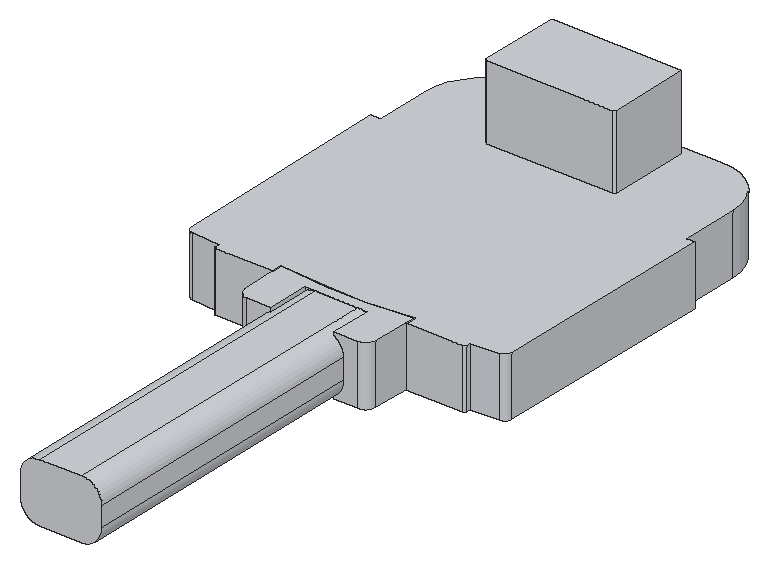
Revit family "Deca_Caixa de descarga embutida para alvenaria e drywall para bacia de piso_Caixa embutida Hydra_2500.CX.AF", category Plumbing Fixtures, host Face, Revit 2019 (continued)
Lines and regions (mm)
  symbolic lines, visible <- "Visibilidade Mecanismo Interno", detail levels fine
    curve 224: line (16.825, 981.25, 55.194) -> (16.825, 981.25, -30)
    curve 225: line (16.825, 865.456, -30) -> (16.825, 865.456, 55.194)
    curve 226: line (16.825, 978.544, -30) -> (16.825, 978.544, 55.194)
    curve 227: line (16.825, 861, -125.504) -> (16.825, 861, -126.952)
    curve 228: line (16.825, 861, -126.952) -> (16.825, 981.3, -126.952)
    curve 229: arc (16.825, 981.3, -126.952) -> (16.825, 988.159, -124.11) -> (16.825, 991, -117.252) r 9.7
    curve 230: line (16.825, 991, -117.252) -> (16.825, 991, -115.457)
    curve 231: line (16.825, 841, -83.004) -> (16.825, 841, -123.004)
    curve 232: arc (16.825, 841, -123.004) -> (16.825, 841.732, -124.772) -> (16.825, 843.5, -125.504) r 2.5
    curve 233: line (16.825, 843.5, -125.504) -> (16.825, 878.5, -125.504)
    curve 234: arc (16.825, 878.5, -125.504) -> (16.825, 880.268, -124.772) -> (16.825, 881, -123.004) r 2.5
    curve 235: line (16.825, 881, -123.004) -> (16.825, 881, -83.004)
    curve 236: line (16.825, 884, -60.004) -> (16.825, 838, -60.004)
    curve 237: arc (16.825, 838, -60.004) -> (16.825, 836.586, -60.59) -> (16.825, 836, -62.004) r 2
    curve 238: line (16.825, 836, -62.004) -> (16.825, 836, -83.004)
    curve 239: line (16.825, 836, -83.004) -> (16.825, 886, -83.004)
    curve 240: line (16.825, 886, -83.004) -> (16.825, 886, -62.004)
    curve 241: arc (16.825, 886, -62.004) -> (16.825, 885.414, -60.59) -> (16.825, 884, -60.004) r 2
    curve 242: line (16.825, 836.5, -75.004) -> (16.825, 885.5, -75.004)
    curve 243: line (16.825, 980.361, -96.412) -> (16.825, 982.768, -96.622)
    curve 244: line (16.825, 982.759, -115.386) -> (16.825, 980.37, -115.595)
    curve 245: arc (16.825, 982.768, -96.622) -> (16.825, 984.215, -97.051) -> (16.825, 985.38, -98.011) r 3.785
    curve 246: arc (16.825, 985.382, -98.013) -> (16.825, 986.711, -100.21) -> (16.825, 987.401, -102.683) r 9.46
    curve 247: arc (16.825, 982.759, -115.386) -> (16.825, 984.212, -114.959) -> (16.825, 985.38, -113.996) r 3.785
    curve 248: arc (16.825, 985.38, -113.996) -> (16.825, 986.711, -111.799) -> (16.825, 987.401, -109.325) r 9.46
    curve 249: arc (16.825, 987.401, -102.683) -> (16.825, 987.666, -106.004) -> (16.825, 987.401, -109.325) r 20.947
    curve 250: arc (16.825, 980.361, -96.412) -> (16.825, 979.798, -96.407) -> (16.825, 979.242, -96.49) r 3.59
    curve 251: arc (16.825, 979.242, -96.49) -> (16.825, 978.151, -96.866) -> (16.825, 977.163, -97.459) r 5.513
    curve 252: arc (16.825, 977.163, -97.459) -> (16.825, 976.138, -98.35) -> (16.825, 975.247, -99.375) r 9.742
    curve 253: arc (16.825, 975.247, -99.375) -> (16.825, 974.394, -100.714) -> (16.825, 973.762, -102.169) r 10.107
    curve 254: arc (16.825, 980.37, -115.595) -> (16.825, 979.803, -115.601) -> (16.825, 979.242, -115.518) r 3.59
    curve 255: arc (16.825, 979.242, -115.518) -> (16.825, 978.151, -115.142) -> (16.825, 977.163, -114.548) r 5.513
    curve 256: arc (16.825, 977.163, -114.548) -> (16.825, 976.14, -113.659) -> (16.825, 975.25, -112.636) r 9.742
    curve 257: arc (16.825, 975.25, -112.636) -> (16.825, 974.395, -111.296) -> (16.825, 973.762, -109.839) r 10.107
    curve 258: arc (16.825, 973.762, -102.169) -> (16.825, 973.1, -106.004) -> (16.825, 973.762, -109.839) r 11.437
    curve 259: arc (16.825, 987.401, -102.683) -> (16.825, 987.728, -100.583) -> (16.825, 988.283, -98.532) r 19.398
    curve 260: arc (16.825, 988.283, -98.532) -> (16.825, 988.571, -97.797) -> (16.825, 988.938, -97.097) r 7.233
    curve 261: arc (16.825, 988.938, -97.097) -> (16.825, 989.064, -96.913) -> (16.825, 989.212, -96.746) r 1.802
    curve 262: arc (16.825, 989.212, -96.746) -> (16.825, 989.598, -96.483) -> (16.825, 990.065, -96.469) r 0.835
    curve 263: arc (16.825, 987.401, -109.325) -> (16.825, 987.728, -111.425) -> (16.825, 988.283, -113.476) r 19.398
    curve 264: arc (16.825, 988.283, -113.476) -> (16.825, 988.571, -114.211) -> (16.825, 988.938, -114.91) r 7.233
    curve 265: arc (16.825, 989.409, -115.436) -> (16.825, 989.726, -115.555) -> (16.825, 990.065, -115.539) r 0.835
    curve 266: arc (16.825, 988.938, -114.91) -> (16.825, 989.149, -115.195) -> (16.825, 989.409, -115.436) r 1.904
    curve 267: line (16.825, 990.065, -96.469) -> (16.825, 991.837, -96.624)
    curve 268: arc (16.825, 991.837, -96.624) -> (16.825, 992.527, -96.901) -> (16.825, 992.983, -97.488) r 1.423
    curve 269: line (16.825, 990.065, -115.539) -> (16.825, 991.837, -115.384)
    curve 270: arc (16.825, 991.837, -115.384) -> (16.825, 992.527, -115.107) -> (16.825, 992.983, -114.52) r 1.423
    curve 271: arc (16.825, 992.983, -114.52) -> (16.825, 993.228, -113.841) -> (16.825, 993.405, -113.141) r 7.257
    curve 272: arc (16.825, 993.405, -113.141) -> (16.825, 993.595, -111.909) -> (16.825, 993.674, -110.664) r 14.058
    curve 273: arc (16.825, 993.404, -98.866) -> (16.825, 993.594, -100.092) -> (16.825, 993.674, -101.33) r 14.058
    curve 274: arc (16.825, 993.674, -101.33) -> (16.825, 993.766, -105.997) -> (16.825, 993.674, -110.664) r 118.183
    curve 275: arc (16.825, 992.983, -97.488) -> (16.825, 993.228, -98.166) -> (16.825, 993.404, -98.864) r 7.256
    curve 276: line (16.825, 991, -96.551) -> (16.825, 991, -61.757)
    curve 277: arc (16.825, 990.841, -59.007) -> (16.825, 987.51, -53.305) -> (16.825, 981.3, -51.056) r 9.7
    curve 278: line (16.825, 991, -67.004) -> (16.825, 997.65, -67.004)
    curve 279: arc (16.825, 997.65, -67.004) -> (16.825, 998.605, -67.399) -> (16.825, 999, -68.354) r 1.35
    curve 280: line (16.825, 999, -68.354) -> (16.825, 999, -109.654)
    curve 281: arc (16.825, 999, -109.654) -> (16.825, 998.605, -110.608) -> (16.825, 997.65, -111.004) r 1.35
    curve 282: line (16.825, 997.65, -111.004) -> (16.825, 993.664, -111.004)
    curve 283: line (16.825, 1024.15, -98.304) -> (16.825, 1024.15, -79.704)
    curve 284: line (16.825, 1024.15, -79.704) -> (16.825, 1012.65, -79.704)
    curve 285: line (16.825, 1012.65, -79.704) -> (16.825, 1012.65, -98.304)
    curve 286: line (16.825, 1012.65, -98.304) -> (16.825, 1024.15, -98.304)
    curve 287: line (16.825, 1003.65, -98.304) -> (16.825, 1003.65, -79.504)
    curve 288: line (16.825, 1003.65, -79.704) -> (16.825, 999, -79.704)
    curve 289: line (16.825, 1003.65, -98.304) -> (16.825, 999, -98.304)
    curve 290: line (16.825, 1012.65, -89.011) -> (16.825, 1003.65, -89.011)
    curve 291: line (16.825, 1012.65, -79.704) -> (16.825, 1003.65, -79.704)
    curve 292: line (16.825, 1003.65, -98.304) -> (16.825, 1012.65, -98.304)
    curve 293: line (16.825, 987.25, -40.056) -> (16.825, 987.25, -34.806)
    curve 294: line (16.825, 987.25, -34.806) -> (16.825, 856.75, -34.806)
    curve 295: line (16.825, 856.75, -34.806) -> (16.825, 856.75, -40.056)
    curve 296: line (16.825, 856.75, -40.056) -> (16.825, 989, -40.056)
    curve 297: line (16.825, 989, -40.056) -> (16.825, 989, -51.056)
    curve 298: line (16.825, 989, -51.056) -> (16.825, 861, -51.056)
    curve 299: line (16.825, 861, -51.056) -> (16.825, 861, -60.004)
    curve 300: line (16.825, 864, -51.056) -> (16.825, 864, -40.056)
    curve 301: line (16.825, 861, -55.606) -> (16.825, 848.32, -55.606)
    curve 302: line (16.825, 849.75, -83.004) -> (16.825, 849.75, -94.035)
    curve 303: line (16.825, 849.75, -94.035) -> (16.825, 849.75, -115.619)
    curve 304: line (16.825, 852.25, -83.004) -> (16.825, 852.25, -94.035)
    curve 305: line (16.825, 852.25, -94.035) -> (16.825, 852.25, -115.619)
    curve 306: line (16.825, 869.75, -83.004) -> (16.825, 869.75, -94.035)
    curve 307: line (16.825, 869.75, -94.035) -> (16.825, 869.75, -115.619)
    curve 308: line (16.825, 872.25, -83.004) -> (16.825, 872.25, -94.035)
    curve 309: line (16.825, 872.25, -94.035) -> (16.825, 872.25, -115.619)
    curve 310: line (16.825, 848, -127.169) -> (16.825, 848, -132.327)
    curve 311: line (16.825, 508.303, -130.088) -> (16.825, 846.916, -131.001)
    curve 312: arc (16.825, 502.859, -129.049) -> (16.825, 505.532, -129.822) -> (16.825, 508.303, -130.088) r 15
    curve 313: line (16.825, 848.32, -60.004) -> (16.825, 848.32, -45.503)
    curve 314: line (16.825, 848.32, -45.503) -> (16.825, 797.978, -45.639)
    curve 315: line (16.825, 523.758, -47.878) -> (16.825, 797.978, -47.139)
    curve 316: line (16.825, 797.978, -45.639) -> (16.825, 797.978, -47.139)
    curve 317: line (16.825, 523.758, -47.878) -> (16.825, 486, -49.254)
    curve 318: line (16.825, 856.75, -31.56) -> (16.825, 987.25, -31.56)
    curve 319: line (16.825, 987.25, -31.56) -> (16.825, 987.25, -30)
    curve 320: line (16.825, 987.25, -30) -> (16.825, 856.75, -30)
    curve 321: line (16.825, 856.75, -30) -> (16.825, 856.75, -31.56)
    curve 322: line (16.825, 978.544, -34.806) -> (16.825, 978.544, -31.56)
    curve 323: line (16.825, 981.25, -34.806) -> (16.825, 981.25, -31.56)
    curve 324: line (16.825, 862.75, -34.806) -> (16.825, 862.75, -31.56)
    curve 325: line (16.825, 865.456, -34.806) -> (16.825, 865.456, -31.56)
    curve 326: line (-27.076, 0, -47.004) -> (-175.347, 0, -47.004)
    curve 327: spline (-175.347, 0, -47.004) -> (-175.626, 0, -47.004) -> (-175.904, 0, -47.004) -> (-176.181, 0, -47.004) -> (-176.455, 0, -47.004) -> (-176.725, 0, -47.004) -> (-176.991, 0, -47.005) -> (-177.252, 0, -47.005) -> (-177.507, 0, -47.005) -> (-177.755, 0, -47.006) -> (-177.996, 0, -47.006) -> (-178.228, 0, -47.006) -> (-178.452, 0, -47.007)
    curve 328: line (-178.452, 0, -47.007) -> (-183.301, 0, -47.017)
    curve 329: line (-185.929, 0, -48.044) -> (-201.945, 0, -48.044)
    curve 330: spline (-201.945, 0, -48.044) -> (-203.25, 0, -48.13) -> (-204.533, 0, -48.385) -> (-205.772, 0, -48.806) -> (-206.945, 0, -49.384) -> (-208.033, 0, -50.111) -> (-209.016, 0, -50.973) -> (-209.879, 0, -51.957) -> (-210.605, 0, -53.044) -> (-211.184, 0, -54.217) -> (-211.605, 0, -55.456) -> (-211.86, 0, -56.739) -> (-211.945, 0, -58.044)
    curve 331: line (-211.945, 0, -58.044) -> (-211.945, 0, -59.343)
    curve 332: line (245.793, 0, -60.167) -> (245.793, 0, -58.044)
    curve 333: spline (245.793, 0, -58.044) -> (245.707, 0, -56.739) -> (245.452, 0, -55.456) -> (245.032, 0, -54.217) -> (244.453, 0, -53.044) -> (243.726, 0, -51.957) -> (242.864, 0, -50.973) -> (241.881, 0, -50.111) -> (240.793, 0, -49.384) -> (239.62, 0, -48.806) -> (238.381, 0, -48.385) -> (237.098, 0, -48.13) -> (235.793, 0, -48.044)
    curve 334: line (235.793, 0, -48.044) -> (231.924, 0, -48.044)
    curve 335: spline (231.924, 0, -48.044) -> (231.589, 0, -48.044) -> (231.255, 0, -48.044) -> (230.923, 0, -48.044) -> (230.594, 0, -48.044) -> (230.269, 0, -48.044) -> (229.949, 0, -48.043) -> (229.636, 0, -48.043) -> (229.329, 0, -48.043) -> (229.031, 0, -48.042) -> (228.742, 0, -48.042) -> (228.463, 0, -48.041) -> (228.194, 0, -48.041)
    curve 336: line (228.194, 0, -48.041) -> (219.776, 0, -48.023)
    curve 337: line (217.149, 0, -47.017) -> (212.301, 0, -47.007)
    curve 338: spline (212.301, 0, -47.007) -> (212.077, 0, -47.006) -> (211.845, 0, -47.006) -> (211.604, 0, -47.006) -> (211.355, 0, -47.005) -> (211.1, 0, -47.005) -> (210.839, 0, -47.005) -> (210.573, 0, -47.004) -> (210.302, 0, -47.004) -> (210.028, 0, -47.004) -> (209.752, 0, -47.004) -> (209.473, 0, -47.004) -> (209.194, 0, -47.004)
    curve 339: line (209.194, 0, -47.004) -> (59.887, 0, -47.004)
    curve 340: spline (-210.27, 0, -125.504) -> (-209.789, 0, -126.167) -> (-209.254, 0, -126.788) -> (-208.671, 0, -127.364) -> (-208.043, 0, -127.89) -> (-207.373, 0, -128.362) -> (-206.667, 0, -128.778) -> (-205.93, 0, -129.135) -> (-205.165, 0, -129.431) -> (-204.379, 0, -129.663) -> (-203.577, 0, -129.829) -> (-202.764, 0, -129.93) -> (-201.945, 0, -129.963)
    curve 341: line (-201.945, 0, -129.963) -> (-185.929, 0, -129.963)
    curve 342: line (-183.301, 0, -130.991) -> (-178.453, 0, -131.001)
    curve 343: line (-178.453, 0, -131.001) -> (15.421, 0, -131.001)
    curve 344: line (108.825, 0, -30) -> (108.825, 0, 55.193)
    curve 345: line (-75.076, 0, 55.193) -> (-75.076, 0, -30)
    curve 346: circle (16.924, 0, -89.004) r 22 normal (0, -1, 0)
    curve 347: arc (-1.576, 0, -89.004) -> (17.002, 0, -107.346) -> (35.423, 0, -88.846) r 18.5
    curve 348: arc (35.423, 0, -88.846) -> (16.845, 0, -70.504) -> (-1.576, 0, -89.004) r 18.5
    curve 349: circle (-50.576, 0, -89.004) r 22 normal (0, -1, 0)
    curve 350: circle (-50.576, 0, -89.004) r 18.5 normal (0, -1, 0)
    curve 351: arc (102.923, 0, -88.846) -> (84.345, 0, -70.504) -> (65.924, 0, -89.004) r 18.5
    curve 352: arc (65.924, 0, -89.004) -> (84.502, 0, -107.346) -> (102.923, 0, -88.846) r 18.5
    curve 353: arc (106.424, 0, -89.004) -> (84.533, 0, -67.004) -> (62.425, 0, -88.785) r 22
    curve 354: arc (106.42, 0, -89.441) -> (84.096, 0, -111.001) -> (62.425, 0, -88.785) r 22
    curve 355: circle (84.424, 0, -89.004) r 9.3 normal (0, -1, 0)
    curve 356: line (-27.076, 0, -51.056) -> (-27.076, 0, -40.056)
    curve 357: line (-25.976, 0, -40.056) -> (59.824, 0, -40.056)
    curve 358: line (59.824, 0, -40.056) -> (59.924, 0, -51.056)
    curve 359: line (-190.971, 0, -51.056) -> (224.898, 0, -51.056)
    curve 360: line (234.805, 0, -117.044) -> (234.805, 0, -60.964)
    curve 361: line (224.898, 0, -126.952) -> (-190.971, 0, -126.952)
    curve 362: line (-200.958, 0, -61.043) -> (-200.958, 0, -116.965)
    curve 363: arc (-190.971, 0, -126.952) -> (-198.033, 0, -124.027) -> (-200.958, 0, -116.965) r 9.986
    curve 364: arc (-190.971, 0, -51.056) -> (-198.033, 0, -53.981) -> (-200.958, 0, -61.043) r 9.986
    curve 365: arc (234.805, 0, -60.964) -> (231.904, 0, -53.958) -> (224.898, 0, -51.056) r 9.908
    curve 366: arc (234.805, 0, -117.044) -> (231.904, 0, -124.05) -> (224.898, 0, -126.952) r 9.908
    curve 367: line (156.053, 0, -61.757) -> (214.074, 0, -61.757)
    curve 368: arc (214.074, 0, -61.757) -> (215.037, 0, -61.353) -> (215.424, 0, -60.382) r 1.35
    curve 369: arc (215.424, 0, -60.382) -> (215.037, 0, -59.411) -> (214.074, 0, -59.007) r 1.35
    curve 370: line (214.074, 0, -59.007) -> (156.053, 0, -59.007)
    curve 371: arc (156.053, 0, -61.757) -> (155.09, 0, -61.353) -> (154.703, 0, -60.382) r 1.35
    curve 372: arc (154.703, 0, -60.382) -> (155.09, 0, -59.411) -> (156.053, 0, -59.007) r 1.35
    curve 373: circle (-163.147, 0, -106.011) r 9.791 normal (0, -1, 0)
    curve 374: circle (-138.147, 0, -106.011) r 9.791 normal (0, -1, 0)
    curve 375: line (-122.261, 0, -59.007) -> (-180.191, 0, -59.007)
    curve 376: arc (-180.191, 0, -59.007) -> (-181.163, 0, -59.4) -> (-181.59, 0, -60.357) r 1.4
    curve 377: arc (-181.59, 0, -60.357) -> (-181.18, 0, -61.347) -> (-180.19, 0, -61.757) r 1.4
    curve 378: line (-180.19, 0, -61.757) -> (-122.262, 0, -61.757)
    curve 379: arc (-122.261, 0, -59.007) -> (-121.289, 0, -59.4) -> (-120.862, 0, -60.357) r 1.4
    curve 380: arc (-120.862, 0, -60.357) -> (-121.272, 0, -61.347) -> (-122.262, 0, -61.757) r 1.4
    curve 381: line (-208.076, 0, -83.004) -> (-251.076, 0, -83.004)
    curve 382: line (-251.576, 0, -82.504) -> (-251.576, 0, -75.504)
    curve 383: line (-251.076, 0, -75.004) -> (-212.576, 0, -75.004)
    curve 384: line (-226.808, 0, -93.468) -> (-225.585, 0, -95.586)
    curve 385: line (-227.076, 0, -83.504) -> (-227.076, 0, -92.468)
    curve 386: arc (-216.07, 0, -110.95) -> (-214.625, 0, -101.297) -> (-222.826, 0, -96.004) r 9
    curve 387: line (-212.076, 0, -118.985) -> (-216.172, 0, -111.89)
    curve 388: line (-212.076, 0, -125.504) -> (-212.076, 0, -84.004)
    curve 389: line (-208.076, 0, -63.504) -> (-208.076, 0, -125.504)
    curve 390: line (-201.576, 0, -119.004) -> (-207.576, 0, -119.004)
    curve 391: line (-208.076, 0, -125.504) -> (-212.076, 0, -125.504)
    curve 392: line (-222.826, 0, -96.004) -> (-224.888, 0, -95.986)
    curve 393: line (-212.076, 0, -74.607) -> (-212.076, 0, -60.504)
    curve 394: line (-212.076, 0, -60.504) -> (-211.945, 0, -59.343)
    curve 395: line (-74.977, 0, -34.806) -> (108.825, 0, -34.806)
    curve 396: line (108.825, 0, -34.806) -> (108.825, 0, -31.56)
    curve 397: line (114.924, 0, -30) -> (-81.076, 0, -30)
    curve 398: line (-81.076, 0, -30) -> (-80.973, 0, -31.56)
    curve 399: line (-80.973, 0, -31.56) -> (114.924, 0, -31.56)
    curve 400: line (114.924, 0, -31.56) -> (114.924, 0, -30)
    curve 401: line (-72.271, 0, -30) -> (-72.271, 0, 55.193)
    curve 402: line (106.119, 0, -30) -> (106.119, 0, 55.193)
    curve 403: line (106.119, 0, -34.806) -> (106.119, 0, -31.56)
    curve 404: line (-74.977, 0, -31.56) -> (-74.977, 0, -34.806)
    curve 405: line (-72.271, 0, -34.806) -> (-72.271, 0, -31.56)
    curve 406: line (-25.976, 0, -34.806) -> (-25.976, 0, -40.056)
    curve 407: line (6.424, 0, -40.056) -> (6.424, 0, -34.806)
    curve 408: line (27.424, 0, -40.056) -> (27.424, 0, -34.806)
    curve 409: line (59.824, 0, -34.806) -> (59.824, 0, -40.056)
    curve 410: line (108.825, 0, 55.193) -> (-75.076, 0, 55.193)
    curve 411: line (241.924, 0, -83.004) -> (285.424, 0, -83.004)
    curve 412: line (285.424, 0, -83.004) -> (285.424, 0, -75.004)
    curve 413: line (285.424, 0, -75.004) -> (246.424, 0, -75.004)
    curve 414: line (245.924, 0, -74.504) -> (245.924, 0, -60.516)
    curve 415: line (245.793, 0, -60.004) -> (241.924, 0, -60.004)
    curve 416: line (260.924, 0, -83.504) -> (260.924, 0, -93.004)
    curve 417: arc (256.674, 0, -96.004) -> (248.473, 0, -101.297) -> (249.918, 0, -110.95) r 9
    curve 418: line (250.02, 0, -111.89) -> (245.924, 0, -118.985)
    curve 419: spline (235.793, 0, -129.963) -> (236.612, 0, -129.93) -> (237.425, 0, -129.829) -> (238.227, 0, -129.663) -> (239.013, 0, -129.431) -> (239.777, 0, -129.135) -> (240.515, 0, -128.778) -> (241.221, 0, -128.362) -> (241.89, 0, -127.89) -> (242.519, 0, -127.364) -> (243.102, 0, -126.788) -> (243.636, 0, -126.167) -> (244.118, 0, -125.504)
    curve 420: line (18.424, 0, -131.004) -> (212.3, 0, -131.004)
    curve 421: line (15.421, 0, -131.001) -> (16.542, 0, -132.327)
    curve 422: arc (16.542, 0, -132.327) -> (16.924, 0, -132.504) -> (17.306, 0, -132.327) r 0.5
    curve 423: line (17.306, 0, -132.327) -> (18.424, 0, -131.004)
    curve 424: line (245.924, 0, -83.004) -> (245.924, 0, -125.504)
    curve 425: line (245.924, 0, -125.504) -> (241.924, 0, -125.504)
    curve 426: line (241.924, 0, -125.504) -> (241.924, 0, -60.004)
    curve 427: line (260.924, 0, -93.004) -> (259.205, 0, -95.982)
    curve 428: line (219.781, 0, -129.985) -> (235.793, 0, -129.985)
    curve 429: line (212.3, 0, -131.004) -> (217.149, 0, -130.991)
  symbolic lines, visible <- "Visibilidade Mecanismo Interno", not visible, detail levels fine
    curve 430: line (16.825, 101.9, -79.254) -> (16.825, 101.9, -35.254)
    curve 431: arc (16.825, 101.9, -35.254) -> (16.825, 101.607, -34.547) -> (16.825, 100.9, -34.254) r 1
    curve 432: line (16.825, 100.9, -34.254) -> (16.825, 9.1, -34.254)
    curve 433: arc (16.825, 9.1, -34.254) -> (16.825, 8.393, -34.547) -> (16.825, 8.1, -35.254) r 1
    curve 434: line (16.825, 8.1, -35.254) -> (16.825, 8.1, -79.254)
    curve 435: line (16.825, 0, -79.254) -> (16.825, 486, -79.254)
    curve 436: line (16.825, 426, -79.254) -> (16.825, 426, -119.004)
    curve 437: line (16.825, 426, -119.004) -> (16.825, 456, -119.004)
    curve 438: line (16.825, 456, -119.004) -> (16.825, 456, -158.754)
    curve 439: line (16.825, 486, -158.754) -> (16.825, 12, -158.754)
    curve 440: arc (16.825, 12, -158.754) -> (16.825, 3.515, -155.239) -> (16.825, 0, -146.754) r 12
    curve 441: line (16.825, 0, -146.754) -> (16.825, 0, -144.683)
    curve 442: line (16.825, 0, -144.683) -> (16.825, 0, -79.254)
    curve 443: line (16.825, 862.75, -60) -> (16.825, 862.75, 25.194)
    curve 444: line (16.825, 862.75, 25.194) -> (16.825, 981.25, 25.194)
    curve 445: line (16.825, 981.25, 25.194) -> (16.825, 981.25, -60)
    curve 446: line (16.825, 865.456, -60) -> (16.825, 865.456, 25.194)
    curve 447: line (16.825, 978.544, -60) -> (16.825, 978.544, 25.194)
    curve 448: line (16.825, 861, -155.504) -> (16.825, 861, -156.952)
    curve 449: line (16.825, 861, -156.952) -> (16.825, 981.3, -156.952)
    curve 450: arc (16.825, 981.3, -156.952) -> (16.825, 988.159, -154.11) -> (16.825, 991, -147.252) r 9.7
    curve 451: line (16.825, 991, -147.252) -> (16.825, 991, -145.457)
    curve 452: line (16.825, 841, -113.004) -> (16.825, 841, -153.004)
    curve 453: arc (16.825, 841, -153.004) -> (16.825, 841.732, -154.772) -> (16.825, 843.5, -155.504) r 2.5
    curve 454: line (16.825, 843.5, -155.504) -> (16.825, 878.5, -155.504)
    curve 455: arc (16.825, 878.5, -155.504) -> (16.825, 880.268, -154.772) -> (16.825, 881, -153.004) r 2.5
    curve 456: line (16.825, 881, -153.004) -> (16.825, 881, -113.004)
    curve 457: line (16.825, 884, -90.004) -> (16.825, 838, -90.004)
    curve 458: arc (16.825, 838, -90.004) -> (16.825, 836.586, -90.59) -> (16.825, 836, -92.004) r 2
    curve 459: line (16.825, 836, -92.004) -> (16.825, 836, -113.004)
    curve 460: line (16.825, 836, -113.004) -> (16.825, 886, -113.004)
    curve 461: line (16.825, 886, -113.004) -> (16.825, 886, -92.004)
    curve 462: arc (16.825, 886, -92.004) -> (16.825, 885.414, -90.59) -> (16.825, 884, -90.004) r 2
    curve 463: line (16.825, 836.5, -105.004) -> (16.825, 885.5, -105.004)
    curve 464: line (16.825, 980.361, -126.412) -> (16.825, 982.768, -126.622)
    curve 465: line (16.825, 982.759, -145.386) -> (16.825, 980.37, -145.595)
    curve 466: arc (16.825, 982.768, -126.622) -> (16.825, 984.215, -127.051) -> (16.825, 985.38, -128.011) r 3.785
    curve 467: arc (16.825, 985.382, -128.013) -> (16.825, 986.711, -130.21) -> (16.825, 987.401, -132.683) r 9.46
    curve 468: arc (16.825, 982.759, -145.386) -> (16.825, 984.212, -144.959) -> (16.825, 985.38, -143.996) r 3.785
    curve 469: arc (16.825, 985.38, -143.996) -> (16.825, 986.711, -141.799) -> (16.825, 987.401, -139.325) r 9.46
    curve 470: arc (16.825, 987.401, -132.683) -> (16.825, 987.666, -136.004) -> (16.825, 987.401, -139.325) r 20.947
    curve 471: arc (16.825, 980.361, -126.412) -> (16.825, 979.798, -126.407) -> (16.825, 979.242, -126.49) r 3.59
    curve 472: arc (16.825, 979.242, -126.49) -> (16.825, 978.151, -126.866) -> (16.825, 977.163, -127.459) r 5.513
    curve 473: arc (16.825, 977.163, -127.459) -> (16.825, 976.138, -128.35) -> (16.825, 975.247, -129.375) r 9.742
    curve 474: arc (16.825, 975.247, -129.375) -> (16.825, 974.394, -130.714) -> (16.825, 973.762, -132.169) r 10.107
    curve 475: arc (16.825, 980.37, -145.595) -> (16.825, 979.803, -145.601) -> (16.825, 979.242, -145.518) r 3.59
    curve 476: arc (16.825, 979.242, -145.518) -> (16.825, 978.151, -145.142) -> (16.825, 977.163, -144.548) r 5.513
    curve 477: arc (16.825, 977.163, -144.548) -> (16.825, 976.14, -143.659) -> (16.825, 975.25, -142.636) r 9.742
    curve 478: arc (16.825, 975.25, -142.636) -> (16.825, 974.395, -141.296) -> (16.825, 973.762, -139.839) r 10.107
    curve 479: arc (16.825, 973.762, -132.169) -> (16.825, 973.1, -136.004) -> (16.825, 973.762, -139.839) r 11.437
    curve 480: arc (16.825, 987.401, -132.683) -> (16.825, 987.728, -130.583) -> (16.825, 988.283, -128.532) r 19.398
    curve 481: arc (16.825, 988.283, -128.532) -> (16.825, 988.571, -127.797) -> (16.825, 988.938, -127.097) r 7.233
    curve 482: arc (16.825, 988.938, -127.097) -> (16.825, 989.064, -126.913) -> (16.825, 989.212, -126.746) r 1.802
    curve 483: arc (16.825, 989.212, -126.746) -> (16.825, 989.598, -126.483) -> (16.825, 990.065, -126.469) r 0.835
    curve 484: arc (16.825, 987.401, -139.325) -> (16.825, 987.728, -141.425) -> (16.825, 988.283, -143.476) r 19.398
    curve 485: arc (16.825, 988.283, -143.476) -> (16.825, 988.571, -144.211) -> (16.825, 988.938, -144.91) r 7.233
    curve 486: arc (16.825, 989.409, -145.436) -> (16.825, 989.726, -145.555) -> (16.825, 990.065, -145.539) r 0.835
    curve 487: arc (16.825, 988.938, -144.91) -> (16.825, 989.149, -145.195) -> (16.825, 989.409, -145.436) r 1.904
    curve 488: line (16.825, 990.065, -126.469) -> (16.825, 991.837, -126.624)
    curve 489: arc (16.825, 991.837, -126.624) -> (16.825, 992.527, -126.901) -> (16.825, 992.983, -127.488) r 1.423
    curve 490: line (16.825, 990.065, -145.539) -> (16.825, 991.837, -145.384)
    curve 491: arc (16.825, 991.837, -145.384) -> (16.825, 992.527, -145.107) -> (16.825, 992.983, -144.52) r 1.423
    curve 492: arc (16.825, 992.983, -144.52) -> (16.825, 993.228, -143.841) -> (16.825, 993.405, -143.141) r 7.257
    curve 493: arc (16.825, 993.405, -143.141) -> (16.825, 993.595, -141.909) -> (16.825, 993.674, -140.664) r 14.058
    curve 494: arc (16.825, 993.404, -128.866) -> (16.825, 993.594, -130.092) -> (16.825, 993.674, -131.33) r 14.058
    curve 495: arc (16.825, 993.674, -131.33) -> (16.825, 993.766, -135.997) -> (16.825, 993.674, -140.664) r 118.183
    curve 496: arc (16.825, 992.983, -127.488) -> (16.825, 993.228, -128.166) -> (16.825, 993.404, -128.864) r 7.256
    curve 497: line (16.825, 991, -126.551) -> (16.825, 991, -91.757)
    curve 498: arc (16.825, 990.841, -89.007) -> (16.825, 987.51, -83.305) -> (16.825, 981.3, -81.056) r 9.7
    curve 499: line (16.825, 991, -97.004) -> (16.825, 997.65, -97.004)
    curve 500: arc (16.825, 997.65, -97.004) -> (16.825, 998.605, -97.399) -> (16.825, 999, -98.354) r 1.35
    curve 501: line (16.825, 999, -98.354) -> (16.825, 999, -139.654)
    curve 502: arc (16.825, 999, -139.654) -> (16.825, 998.605, -140.608) -> (16.825, 997.65, -141.004) r 1.35
    curve 503: line (16.825, 997.65, -141.004) -> (16.825, 993.664, -141.004)
    curve 504: line (16.825, 1024.15, -128.304) -> (16.825, 1024.15, -109.704)
    curve 505: line (16.825, 1024.15, -109.704) -> (16.825, 1012.65, -109.704)
    curve 506: line (16.825, 1012.65, -109.704) -> (16.825, 1012.65, -128.304)
    curve 507: line (16.825, 1012.65, -128.304) -> (16.825, 1024.15, -128.304)
    curve 508: line (16.825, 1003.65, -128.304) -> (16.825, 1003.65, -109.504)
    curve 509: line (16.825, 1003.65, -109.704) -> (16.825, 999, -109.704)
    curve 510: line (16.825, 1003.65, -128.304) -> (16.825, 999, -128.304)
    curve 511: line (16.825, 1012.65, -119.011) -> (16.825, 1003.65, -119.011)
    curve 512: line (16.825, 1012.65, -109.704) -> (16.825, 1003.65, -109.704)
    curve 513: line (16.825, 1003.65, -128.304) -> (16.825, 1012.65, -128.304)
    curve 514: line (16.825, 987.25, -70.056) -> (16.825, 987.25, -64.806)
    curve 515: line (16.825, 987.25, -64.806) -> (16.825, 856.75, -64.806)
    curve 516: line (16.825, 856.75, -64.806) -> (16.825, 856.75, -70.056)
    curve 517: line (16.825, 856.75, -70.056) -> (16.825, 989, -70.056)
    curve 518: line (16.825, 989, -70.056) -> (16.825, 989, -81.056)
    curve 519: line (16.825, 989, -81.056) -> (16.825, 861, -81.056)
    curve 520: line (16.825, 861, -81.056) -> (16.825, 861, -90.004)
    curve 521: line (16.825, 864, -81.056) -> (16.825, 864, -70.056)
    curve 522: line (16.825, 861, -85.606) -> (16.825, 848.32, -85.606)
    curve 523: line (16.825, 849.75, -113.004) -> (16.825, 849.75, -124.035)
    curve 524: line (16.825, 849.75, -124.035) -> (16.825, 849.75, -145.619)
    curve 525: line (16.825, 852.25, -113.004) -> (16.825, 852.25, -124.035)
    curve 526: line (16.825, 852.25, -124.035) -> (16.825, 852.25, -145.619)
    curve 527: line (16.825, 869.75, -113.004) -> (16.825, 869.75, -124.035)
    curve 528: line (16.825, 869.75, -124.035) -> (16.825, 869.75, -145.619)
    curve 529: line (16.825, 872.25, -113.004) -> (16.825, 872.25, -124.035)
    curve 530: line (16.825, 872.25, -124.035) -> (16.825, 872.25, -145.619)
    curve 531: line (16.825, 848, -157.169) -> (16.825, 848, -162.327)
    curve 532: line (16.825, 508.303, -160.088) -> (16.825, 846.916, -161.001)
    curve 533: arc (16.825, 502.859, -159.049) -> (16.825, 505.532, -159.822) -> (16.825, 508.303, -160.088) r 15
    curve 534: line (16.825, 848.32, -90.004) -> (16.825, 848.32, -75.503)
    curve 535: line (16.825, 848.32, -75.503) -> (16.825, 797.978, -75.639)
    curve 536: line (16.825, 523.758, -77.878) -> (16.825, 797.978, -77.139)
    curve 537: line (16.825, 797.978, -75.639) -> (16.825, 797.978, -77.139)
    curve 538: line (16.825, 523.758, -77.878) -> (16.825, 486, -79.254)
    curve 539: line (16.825, 856.75, -61.56) -> (16.825, 987.25, -61.56)
    curve 540: line (16.825, 987.25, -61.56) -> (16.825, 987.25, -60)
    curve 541: line (16.825, 987.25, -60) -> (16.825, 856.75, -60)
    curve 542: line (16.825, 856.75, -60) -> (16.825, 856.75, -61.56)
    curve 543: line (16.825, 978.544, -64.806) -> (16.825, 978.544, -61.56)
    curve 544: line (16.825, 981.25, -64.806) -> (16.825, 981.25, -61.56)
    curve 545: line (16.825, 862.75, -64.806) -> (16.825, 862.75, -61.56)
    curve 546: line (16.825, 865.456, -64.806) -> (16.825, 865.456, -61.56)
    curve 547: line (-27.076, 0, -37.004) -> (-175.347, 0, -37.004)
    curve 548: spline (-175.347, 0, -37.004) -> (-175.626, 0, -37.004) -> (-175.904, 0, -37.004) -> (-176.181, 0, -37.004) -> (-176.455, 0, -37.004) -> (-176.725, 0, -37.004) -> (-176.991, 0, -37.005) -> (-177.252, 0, -37.005) -> (-177.507, 0, -37.005) -> (-177.755, 0, -37.006) -> (-177.996, 0, -37.006) -> (-178.228, 0, -37.006) -> (-178.452, 0, -37.007)
    curve 549: line (-178.452, 0, -37.007) -> (-183.301, 0, -37.017)
    curve 550: line (-185.929, 0, -38.044) -> (-201.945, 0, -38.044)
    curve 551: spline (-201.945, 0, -38.044) -> (-203.25, 0, -38.13) -> (-204.533, 0, -38.385) -> (-205.772, 0, -38.806) -> (-206.945, 0, -39.384) -> (-208.033, 0, -40.111) -> (-209.016, 0, -40.973) -> (-209.879, 0, -41.957) -> (-210.605, 0, -43.044) -> (-211.184, 0, -44.217) -> (-211.605, 0, -45.456) -> (-211.86, 0, -46.739) -> (-211.945, 0, -48.044)
    curve 552: line (-211.945, 0, -48.044) -> (-211.945, 0, -49.343)
    curve 553: line (245.793, 0, -50.167) -> (245.793, 0, -48.044)
    curve 554: spline (245.793, 0, -48.044) -> (245.707, 0, -46.739) -> (245.452, 0, -45.456) -> (245.032, 0, -44.217) -> (244.453, 0, -43.044) -> (243.726, 0, -41.957) -> (242.864, 0, -40.973) -> (241.881, 0, -40.111) -> (240.793, 0, -39.384) -> (239.62, 0, -38.806) -> (238.381, 0, -38.385) -> (237.098, 0, -38.13) -> (235.793, 0, -38.044)
    curve 555: line (235.793, 0, -38.044) -> (231.924, 0, -38.044)
    curve 556: spline (231.924, 0, -38.044) -> (231.589, 0, -38.044) -> (231.255, 0, -38.044) -> (230.923, 0, -38.044) -> (230.594, 0, -38.044) -> (230.269, 0, -38.044) -> (229.949, 0, -38.043) -> (229.636, 0, -38.043) -> (229.329, 0, -38.043) -> (229.031, 0, -38.042) -> (228.742, 0, -38.042) -> (228.463, 0, -38.041) -> (228.194, 0, -38.041)
    curve 557: line (228.194, 0, -38.041) -> (219.776, 0, -38.023)
    curve 558: line (217.149, 0, -37.017) -> (212.301, 0, -37.007)
    curve 559: spline (212.301, 0, -37.007) -> (212.077, 0, -37.006) -> (211.845, 0, -37.006) -> (211.604, 0, -37.006) -> (211.355, 0, -37.005) -> (211.1, 0, -37.005) -> (210.839, 0, -37.005) -> (210.573, 0, -37.004) -> (210.302, 0, -37.004) -> (210.028, 0, -37.004) -> (209.752, 0, -37.004) -> (209.473, 0, -37.004) -> (209.194, 0, -37.004)
    curve 560: line (209.194, 0, -37.004) -> (59.887, 0, -37.004)
    curve 561: spline (-210.27, 0, -115.504) -> (-209.789, 0, -116.167) -> (-209.254, 0, -116.788) -> (-208.671, 0, -117.364) -> (-208.043, 0, -117.89) -> (-207.373, 0, -118.362) -> (-206.667, 0, -118.778) -> (-205.93, 0, -119.135) -> (-205.165, 0, -119.431) -> (-204.379, 0, -119.663) -> (-203.577, 0, -119.829) -> (-202.764, 0, -119.93) -> (-201.945, 0, -119.963)
    curve 562: line (-201.945, 0, -119.963) -> (-185.929, 0, -119.963)
    curve 563: line (-183.301, 0, -120.991) -> (-178.453, 0, -121.001)
    curve 564: line (-178.453, 0, -121.001) -> (15.421, 0, -121.001)
    curve 565: line (108.825, 0, -20) -> (108.825, 0, 65.193)
    curve 566: line (-75.076, 0, 65.193) -> (-75.076, 0, -20)
    curve 567: circle (16.924, 0, -79.004) r 22 normal (0, -1, 0)
    curve 568: arc (-1.576, 0, -79.004) -> (17.002, 0, -97.346) -> (35.423, 0, -78.846) r 18.5
    curve 569: arc (35.423, 0, -78.846) -> (16.845, 0, -60.504) -> (-1.576, 0, -79.004) r 18.5
    curve 570: circle (-50.576, 0, -79.004) r 22 normal (0, -1, 0)
    curve 571: circle (-50.576, 0, -79.004) r 18.5 normal (0, -1, 0)
    curve 572: arc (102.923, 0, -78.846) -> (84.345, 0, -60.504) -> (65.924, 0, -79.004) r 18.5
    curve 573: arc (65.924, 0, -79.004) -> (84.502, 0, -97.346) -> (102.923, 0, -78.846) r 18.5
    curve 574: arc (106.424, 0, -79.004) -> (84.533, 0, -57.004) -> (62.425, 0, -78.785) r 22
    curve 575: arc (106.42, 0, -79.441) -> (84.096, 0, -101.001) -> (62.425, 0, -78.785) r 22
    curve 576: circle (84.424, 0, -79.004) r 9.3 normal (0, -1, 0)
    curve 577: line (-27.076, 0, -41.056) -> (-27.076, 0, -30.056)
    curve 578: line (-25.976, 0, -30.056) -> (59.824, 0, -30.056)
    curve 579: line (59.824, 0, -30.056) -> (59.924, 0, -41.056)
    curve 580: line (-190.971, 0, -41.056) -> (224.898, 0, -41.056)
    curve 581: line (234.805, 0, -107.044) -> (234.805, 0, -50.964)
    curve 582: line (224.898, 0, -116.952) -> (-190.971, 0, -116.952)
    curve 583: line (-200.958, 0, -51.043) -> (-200.958, 0, -106.965)
    curve 584: arc (-190.971, 0, -116.952) -> (-198.033, 0, -114.027) -> (-200.958, 0, -106.965) r 9.986
    curve 585: arc (-190.971, 0, -41.056) -> (-198.033, 0, -43.981) -> (-200.958, 0, -51.043) r 9.986
    curve 586: arc (234.805, 0, -50.964) -> (231.904, 0, -43.958) -> (224.898, 0, -41.056) r 9.908
    curve 587: arc (234.805, 0, -107.044) -> (231.904, 0, -114.05) -> (224.898, 0, -116.952) r 9.908
    curve 588: line (156.053, 0, -51.757) -> (214.074, 0, -51.757)
    curve 589: arc (214.074, 0, -51.757) -> (215.037, 0, -51.353) -> (215.424, 0, -50.382) r 1.35
    curve 590: arc (215.424, 0, -50.382) -> (215.037, 0, -49.411) -> (214.074, 0, -49.007) r 1.35
    curve 591: line (214.074, 0, -49.007) -> (156.053, 0, -49.007)
    curve 592: arc (156.053, 0, -51.757) -> (155.09, 0, -51.353) -> (154.703, 0, -50.382) r 1.35
    curve 593: arc (154.703, 0, -50.382) -> (155.09, 0, -49.411) -> (156.053, 0, -49.007) r 1.35
    curve 594: circle (-163.147, 0, -96.011) r 9.791 normal (0, -1, 0)
    curve 595: circle (-138.147, 0, -96.011) r 9.791 normal (0, -1, 0)
    curve 596: line (-122.261, 0, -49.007) -> (-180.191, 0, -49.007)
    curve 597: arc (-180.191, 0, -49.007) -> (-181.163, 0, -49.4) -> (-181.59, 0, -50.357) r 1.4
    curve 598: arc (-181.59, 0, -50.357) -> (-181.18, 0, -51.347) -> (-180.19, 0, -51.757) r 1.4
    curve 599: line (-180.19, 0, -51.757) -> (-122.262, 0, -51.757)
    curve 600: arc (-122.261, 0, -49.007) -> (-121.289, 0, -49.4) -> (-120.862, 0, -50.357) r 1.4
    curve 601: arc (-120.862, 0, -50.357) -> (-121.272, 0, -51.347) -> (-122.262, 0, -51.757) r 1.4
    curve 602: line (-208.076, 0, -73.004) -> (-251.076, 0, -73.004)
    curve 603: line (-251.576, 0, -72.504) -> (-251.576, 0, -65.504)
    curve 604: line (-251.076, 0, -65.004) -> (-212.576, 0, -65.004)
    curve 605: line (-226.808, 0, -83.468) -> (-225.585, 0, -85.586)
    curve 606: line (-227.076, 0, -73.504) -> (-227.076, 0, -82.468)
    curve 607: arc (-216.07, 0, -100.95) -> (-214.625, 0, -91.297) -> (-222.826, 0, -86.004) r 9
    curve 608: line (-212.076, 0, -108.985) -> (-216.172, 0, -101.89)
    curve 609: line (-212.076, 0, -115.504) -> (-212.076, 0, -74.004)
    curve 610: line (-208.076, 0, -53.504) -> (-208.076, 0, -115.504)
    curve 611: line (-201.576, 0, -109.004) -> (-207.576, 0, -109.004)
    curve 612: line (-208.076, 0, -115.504) -> (-212.076, 0, -115.504)
    curve 613: line (-222.826, 0, -86.004) -> (-224.888, 0, -85.986)
    curve 614: line (-212.076, 0, -64.607) -> (-212.076, 0, -50.504)
    curve 615: line (-212.076, 0, -50.504) -> (-211.945, 0, -49.343)
    curve 616: line (-74.977, 0, -24.806) -> (108.825, 0, -24.806)
    curve 617: line (108.825, 0, -24.806) -> (108.825, 0, -21.56)
    curve 618: line (114.924, 0, -20) -> (-81.076, 0, -20)
    curve 619: line (-81.076, 0, -20) -> (-80.973, 0, -21.56)
    curve 620: line (-80.973, 0, -21.56) -> (114.924, 0, -21.56)
    curve 621: line (114.924, 0, -21.56) -> (114.924, 0, -20)
    curve 622: line (-72.271, 0, -20) -> (-72.271, 0, 65.193)
    curve 623: line (106.119, 0, -20) -> (106.119, 0, 65.193)
    curve 624: line (106.119, 0, -24.806) -> (106.119, 0, -21.56)
    curve 625: line (-74.977, 0, -21.56) -> (-74.977, 0, -24.806)
    curve 626: line (-72.271, 0, -24.806) -> (-72.271, 0, -21.56)
    curve 627: line (-25.976, 0, -24.806) -> (-25.976, 0, -30.056)
    curve 628: line (6.424, 0, -30.056) -> (6.424, 0, -24.806)
    curve 629: line (27.424, 0, -30.056) -> (27.424, 0, -24.806)
    curve 630: line (59.824, 0, -24.806) -> (59.824, 0, -30.056)
    curve 631: line (108.825, 0, 65.193) -> (-75.076, 0, 65.193)
    curve 632: line (241.924, 0, -73.004) -> (285.424, 0, -73.004)
    curve 633: line (285.424, 0, -73.004) -> (285.424, 0, -65.004)
    curve 634: line (285.424, 0, -65.004) -> (246.424, 0, -65.004)
    curve 635: line (245.924, 0, -64.504) -> (245.924, 0, -50.516)
    curve 636: line (245.793, 0, -50.004) -> (241.924, 0, -50.004)
    curve 637: line (260.924, 0, -73.504) -> (260.924, 0, -83.004)
    curve 638: arc (256.674, 0, -86.004) -> (248.473, 0, -91.297) -> (249.918, 0, -100.95) r 9
    curve 639: line (250.02, 0, -101.89) -> (245.924, 0, -108.985)
    curve 640: spline (235.793, 0, -119.963) -> (236.612, 0, -119.93) -> (237.425, 0, -119.829) -> (238.227, 0, -119.663) -> (239.013, 0, -119.431) -> (239.777, 0, -119.135) -> (240.515, 0, -118.778) -> (241.221, 0, -118.362) -> (241.89, 0, -117.89) -> (242.519, 0, -117.364) -> (243.102, 0, -116.788) -> (243.636, 0, -116.167) -> (244.118, 0, -115.504)
    curve 641: line (18.424, 0, -121.004) -> (212.3, 0, -121.004)
    curve 642: line (15.421, 0, -121.001) -> (16.542, 0, -122.327)
    curve 643: arc (16.542, 0, -122.327) -> (16.924, 0, -122.504) -> (17.306, 0, -122.327) r 0.5
    curve 644: line (17.306, 0, -122.327) -> (18.424, 0, -121.004)
    curve 645: line (245.924, 0, -73.004) -> (245.924, 0, -115.504)
    curve 646: line (245.924, 0, -115.504) -> (241.924, 0, -115.504)
    curve 647: line (241.924, 0, -115.504) -> (241.924, 0, -50.004)
    curve 648: line (260.924, 0, -83.004) -> (259.205, 0, -85.982)
    curve 649: line (219.781, 0, -119.985) -> (235.793, 0, -119.985)
    curve 650: line (212.3, 0, -121.004) -> (217.149, 0, -120.991)
    curve 651: line (-27.076, 0, -57.004) -> (-175.347, 0, -57.004)
    curve 652: spline (-175.347, 0, -57.004) -> (-175.626, 0, -57.004) -> (-175.904, 0, -57.004) -> (-176.181, 0, -57.004) -> (-176.455, 0, -57.004) -> (-176.725, 0, -57.004) -> (-176.991, 0, -57.005) -> (-177.252, 0, -57.005) -> (-177.507, 0, -57.005) -> (-177.755, 0, -57.006) -> (-177.996, 0, -57.006) -> (-178.228, 0, -57.006) -> (-178.452, 0, -57.007)
    curve 653: line (-178.452, 0, -57.007) -> (-183.301, 0, -57.017)
    curve 654: line (-185.929, 0, -58.044) -> (-201.945, 0, -58.044)
    curve 655: spline (-201.945, 0, -58.044) -> (-203.25, 0, -58.13) -> (-204.533, 0, -58.385) -> (-205.772, 0, -58.806) -> (-206.945, 0, -59.384) -> (-208.033, 0, -60.111) -> (-209.016, 0, -60.973) -> (-209.879, 0, -61.957) -> (-210.605, 0, -63.044) -> (-211.184, 0, -64.217) -> (-211.605, 0, -65.456) -> (-211.86, 0, -66.739) -> (-211.945, 0, -68.044)
    curve 656: line (-211.945, 0, -68.044) -> (-211.945, 0, -69.343)
    curve 657: line (245.793, 0, -70.167) -> (245.793, 0, -68.044)
    curve 658: spline (245.793, 0, -68.044) -> (245.707, 0, -66.739) -> (245.452, 0, -65.456) -> (245.032, 0, -64.217) -> (244.453, 0, -63.044) -> (243.726, 0, -61.957) -> (242.864, 0, -60.973) -> (241.881, 0, -60.111) -> (240.793, 0, -59.384) -> (239.62, 0, -58.806) -> (238.381, 0, -58.385) -> (237.098, 0, -58.13) -> (235.793, 0, -58.044)
    curve 659: line (235.793, 0, -58.044) -> (231.924, 0, -58.044)
    curve 660: spline (231.924, 0, -58.044) -> (231.589, 0, -58.044) -> (231.255, 0, -58.044) -> (230.923, 0, -58.044) -> (230.594, 0, -58.044) -> (230.269, 0, -58.044) -> (229.949, 0, -58.043) -> (229.636, 0, -58.043) -> (229.329, 0, -58.043) -> (229.031, 0, -58.042) -> (228.742, 0, -58.042) -> (228.463, 0, -58.041) -> (228.194, 0, -58.041)
    curve 661: line (228.194, 0, -58.041) -> (219.776, 0, -58.023)
    curve 662: line (217.149, 0, -57.017) -> (212.301, 0, -57.007)
    curve 663: spline (212.301, 0, -57.007) -> (212.077, 0, -57.006) -> (211.845, 0, -57.006) -> (211.604, 0, -57.006) -> (211.355, 0, -57.005) -> (211.1, 0, -57.005) -> (210.839, 0, -57.005) -> (210.573, 0, -57.004) -> (210.302, 0, -57.004) -> (210.028, 0, -57.004) -> (209.752, 0, -57.004) -> (209.473, 0, -57.004) -> (209.194, 0, -57.004)
    curve 664: line (209.194, 0, -57.004) -> (59.887, 0, -57.004)
    curve 665: spline (-210.27, 0, -135.504) -> (-209.789, 0, -136.167) -> (-209.254, 0, -136.788) -> (-208.671, 0, -137.364) -> (-208.043, 0, -137.89) -> (-207.373, 0, -138.362) -> (-206.667, 0, -138.778) -> (-205.93, 0, -139.135) -> (-205.165, 0, -139.431) -> (-204.379, 0, -139.663) -> (-203.577, 0, -139.829) -> (-202.764, 0, -139.93) -> (-201.945, 0, -139.963)
    curve 666: line (-201.945, 0, -139.963) -> (-185.929, 0, -139.963)
    curve 667: line (-183.301, 0, -140.991) -> (-178.453, 0, -141.001)
    curve 668: line (-178.453, 0, -141.001) -> (15.421, 0, -141.001)
    curve 669: line (108.825, 0, -40) -> (108.825, 0, 45.193)
    curve 670: line (-75.076, 0, 45.193) -> (-75.076, 0, -40)
    curve 671: circle (16.924, 0, -99.004) r 22 normal (0, -1, 0)
    curve 672: arc (-1.576, 0, -99.004) -> (17.002, 0, -117.346) -> (35.423, 0, -98.846) r 18.5
    curve 673: arc (35.423, 0, -98.846) -> (16.845, 0, -80.504) -> (-1.576, 0, -99.004) r 18.5
    curve 674: circle (-50.576, 0, -99.004) r 22 normal (0, -1, 0)
    curve 675: circle (-50.576, 0, -99.004) r 18.5 normal (0, -1, 0)
    curve 676: arc (102.923, 0, -98.846) -> (84.345, 0, -80.504) -> (65.924, 0, -99.004) r 18.5
    curve 677: arc (65.924, 0, -99.004) -> (84.502, 0, -117.346) -> (102.923, 0, -98.846) r 18.5
    curve 678: arc (106.424, 0, -99.004) -> (84.533, 0, -77.004) -> (62.425, 0, -98.785) r 22
    curve 679: arc (106.42, 0, -99.441) -> (84.096, 0, -121.001) -> (62.425, 0, -98.785) r 22
    curve 680: circle (84.424, 0, -99.004) r 9.3 normal (0, -1, 0)
    curve 681: line (-27.076, 0, -61.056) -> (-27.076, 0, -50.056)
    curve 682: line (-25.976, 0, -50.056) -> (59.824, 0, -50.056)
    curve 683: line (59.824, 0, -50.056) -> (59.924, 0, -61.056)
    curve 684: line (-190.971, 0, -61.056) -> (224.898, 0, -61.056)
    curve 685: line (234.805, 0, -127.044) -> (234.805, 0, -70.964)
    curve 686: line (224.898, 0, -136.952) -> (-190.971, 0, -136.952)
    curve 687: line (-200.958, 0, -71.043) -> (-200.958, 0, -126.965)
    curve 688: arc (-190.971, 0, -136.952) -> (-198.033, 0, -134.027) -> (-200.958, 0, -126.965) r 9.986
    curve 689: arc (-190.971, 0, -61.056) -> (-198.033, 0, -63.981) -> (-200.958, 0, -71.043) r 9.986
    curve 690: arc (234.805, 0, -70.964) -> (231.904, 0, -63.958) -> (224.898, 0, -61.056) r 9.908
    curve 691: arc (234.805, 0, -127.044) -> (231.904, 0, -134.05) -> (224.898, 0, -136.952) r 9.908
    curve 692: line (156.053, 0, -71.757) -> (214.074, 0, -71.757)
    curve 693: arc (214.074, 0, -71.757) -> (215.037, 0, -71.353) -> (215.424, 0, -70.382) r 1.35
    curve 694: arc (215.424, 0, -70.382) -> (215.037, 0, -69.411) -> (214.074, 0, -69.007) r 1.35
    curve 695: line (214.074, 0, -69.007) -> (156.053, 0, -69.007)
    curve 696: arc (156.053, 0, -71.757) -> (155.09, 0, -71.353) -> (154.703, 0, -70.382) r 1.35
    curve 697: arc (154.703, 0, -70.382) -> (155.09, 0, -69.411) -> (156.053, 0, -69.007) r 1.35
    curve 698: circle (-163.147, 0, -116.011) r 9.791 normal (0, -1, 0)
    curve 699: circle (-138.147, 0, -116.011) r 9.791 normal (0, -1, 0)
    curve 700: line (-122.261, 0, -69.007) -> (-180.191, 0, -69.007)
    curve 701: arc (-180.191, 0, -69.007) -> (-181.163, 0, -69.4) -> (-181.59, 0, -70.357) r 1.4
    curve 702: arc (-181.59, 0, -70.357) -> (-181.18, 0, -71.347) -> (-180.19, 0, -71.757) r 1.4
    curve 703: line (-180.19, 0, -71.757) -> (-122.262, 0, -71.757)
    curve 704: arc (-122.261, 0, -69.007) -> (-121.289, 0, -69.4) -> (-120.862, 0, -70.357) r 1.4
    curve 705: arc (-120.862, 0, -70.357) -> (-121.272, 0, -71.347) -> (-122.262, 0, -71.757) r 1.4
    curve 706: line (-208.076, 0, -93.004) -> (-251.076, 0, -93.004)
    curve 707: line (-251.576, 0, -92.504) -> (-251.576, 0, -85.504)
    curve 708: line (-251.076, 0, -85.004) -> (-212.576, 0, -85.004)
    curve 709: line (-226.808, 0, -103.468) -> (-225.585, 0, -105.586)
    curve 710: line (-227.076, 0, -93.504) -> (-227.076, 0, -102.468)
    curve 711: arc (-216.07, 0, -120.95) -> (-214.625, 0, -111.297) -> (-222.826, 0, -106.004) r 9
    curve 712: line (-212.076, 0, -128.985) -> (-216.172, 0, -121.89)
    curve 713: line (-212.076, 0, -135.504) -> (-212.076, 0, -94.004)
    curve 714: line (-208.076, 0, -73.504) -> (-208.076, 0, -135.504)
    curve 715: line (-201.576, 0, -129.004) -> (-207.576, 0, -129.004)
    curve 716: line (-208.076, 0, -135.504) -> (-212.076, 0, -135.504)
    curve 717: line (-222.826, 0, -106.004) -> (-224.888, 0, -105.986)
    curve 718: line (-212.076, 0, -84.607) -> (-212.076, 0, -70.504)
    curve 719: line (-212.076, 0, -70.504) -> (-211.945, 0, -69.343)
    curve 720: line (-74.977, 0, -44.806) -> (108.825, 0, -44.806)
    curve 721: line (108.825, 0, -44.806) -> (108.825, 0, -41.56)
    curve 722: line (114.924, 0, -40) -> (-81.076, 0, -40)
    curve 723: line (-81.076, 0, -40) -> (-80.973, 0, -41.56)
    curve 724: line (-80.973, 0, -41.56) -> (114.924, 0, -41.56)
    curve 725: line (114.924, 0, -41.56) -> (114.924, 0, -40)
    curve 726: line (-72.271, 0, -40) -> (-72.271, 0, 45.193)
    curve 727: line (106.119, 0, -40) -> (106.119, 0, 45.193)
    curve 728: line (106.119, 0, -44.806) -> (106.119, 0, -41.56)
    curve 729: line (-74.977, 0, -41.56) -> (-74.977, 0, -44.806)
    curve 730: line (-72.271, 0, -44.806) -> (-72.271, 0, -41.56)
    curve 731: line (-25.976, 0, -44.806) -> (-25.976, 0, -50.056)
    curve 732: line (6.424, 0, -50.056) -> (6.424, 0, -44.806)
    curve 733: line (27.424, 0, -50.056) -> (27.424, 0, -44.806)
    curve 734: line (59.824, 0, -44.806) -> (59.824, 0, -50.056)
    curve 735: line (108.825, 0, 45.193) -> (-75.076, 0, 45.193)
    curve 736: line (241.924, 0, -93.004) -> (285.424, 0, -93.004)
    curve 737: line (285.424, 0, -93.004) -> (285.424, 0, -85.004)
    curve 738: line (285.424, 0, -85.004) -> (246.424, 0, -85.004)
    curve 739: line (245.924, 0, -84.504) -> (245.924, 0, -70.516)
    curve 740: line (245.793, 0, -70.004) -> (241.924, 0, -70.004)
    curve 741: line (260.924, 0, -93.504) -> (260.924, 0, -103.004)
    curve 742: arc (256.674, 0, -106.004) -> (248.473, 0, -111.297) -> (249.918, 0, -120.95) r 9
    curve 743: line (250.02, 0, -121.89) -> (245.924, 0, -128.985)
    curve 744: spline (235.793, 0, -139.963) -> (236.612, 0, -139.93) -> (237.425, 0, -139.829) -> (238.227, 0, -139.663) -> (239.013, 0, -139.431) -> (239.777, 0, -139.135) -> (240.515, 0, -138.778) -> (241.221, 0, -138.362) -> (241.89, 0, -137.89) -> (242.519, 0, -137.364) -> (243.102, 0, -136.788) -> (243.636, 0, -136.167) -> (244.118, 0, -135.504)
    curve 745: line (18.424, 0, -141.004) -> (212.3, 0, -141.004)
    curve 746: line (15.421, 0, -141.001) -> (16.542, 0, -142.327)
    curve 747: arc (16.542, 0, -142.327) -> (16.924, 0, -142.504) -> (17.306, 0, -142.327) r 0.5
    curve 748: line (17.306, 0, -142.327) -> (18.424, 0, -141.004)
    curve 749: line (245.924, 0, -93.004) -> (245.924, 0, -135.504)
    curve 750: line (245.924, 0, -135.504) -> (241.924, 0, -135.504)
    curve 751: line (241.924, 0, -135.504) -> (241.924, 0, -70.004)
    curve 752: line (260.924, 0, -103.004) -> (259.205, 0, -105.982)
    curve 753: line (219.781, 0, -139.985) -> (235.793, 0, -139.985)
    curve 754: line (212.3, 0, -141.004) -> (217.149, 0, -140.991)
    curve 755: line (16.825, 101.9, -59.254) -> (16.825, 101.9, -15.254)
    curve 756: arc (16.825, 101.9, -15.254) -> (16.825, 101.607, -14.547) -> (16.825, 100.9, -14.254) r 1
    curve 757: line (16.825, 100.9, -14.254) -> (16.825, 9.1, -14.254)
    curve 758: arc (16.825, 9.1, -14.254) -> (16.825, 8.393, -14.547) -> (16.825, 8.1, -15.254) r 1
    curve 759: line (16.825, 8.1, -15.254) -> (16.825, 8.1, -59.254)
    curve 760: line (16.825, 0, -59.254) -> (16.825, 486, -59.254)
    curve 761: line (16.825, 426, -59.254) -> (16.825, 426, -99.004)
    curve 762: line (16.825, 426, -99.004) -> (16.825, 456, -99.004)
    curve 763: line (16.825, 456, -99.004) -> (16.825, 456, -138.754)
    curve 764: line (16.825, 486, -138.754) -> (16.825, 12, -138.754)
    curve 765: arc (16.825, 12, -138.754) -> (16.825, 3.515, -135.239) -> (16.825, 0, -126.754) r 12
    curve 766: line (16.825, 0, -126.754) -> (16.825, 0, -124.683)
    curve 767: line (16.825, 0, -124.683) -> (16.825, 0, -59.254)
    curve 768: line (16.825, 862.75, -40) -> (16.825, 862.75, 45.194)
    curve 769: line (16.825, 862.75, 45.194) -> (16.825, 981.25, 45.194)
    curve 770: line (16.825, 981.25, 45.194) -> (16.825, 981.25, -40)
    curve 771: line (16.825, 865.456, -40) -> (16.825, 865.456, 45.194)
    curve 772: line (16.825, 978.544, -40) -> (16.825, 978.544, 45.194)
    curve 773: line (16.825, 861, -135.504) -> (16.825, 861, -136.952)
    curve 774: line (16.825, 861, -136.952) -> (16.825, 981.3, -136.952)
    curve 775: arc (16.825, 981.3, -136.952) -> (16.825, 988.159, -134.11) -> (16.825, 991, -127.252) r 9.7
    curve 776: line (16.825, 991, -127.252) -> (16.825, 991, -125.457)
    curve 777: line (16.825, 841, -93.004) -> (16.825, 841, -133.004)
    curve 778: arc (16.825, 841, -133.004) -> (16.825, 841.732, -134.772) -> (16.825, 843.5, -135.504) r 2.5
    curve 779: line (16.825, 843.5, -135.504) -> (16.825, 878.5, -135.504)
    curve 780: arc (16.825, 878.5, -135.504) -> (16.825, 880.268, -134.772) -> (16.825, 881, -133.004) r 2.5
    curve 781: line (16.825, 881, -133.004) -> (16.825, 881, -93.004)
    curve 782: line (16.825, 884, -70.004) -> (16.825, 838, -70.004)
    curve 783: arc (16.825, 838, -70.004) -> (16.825, 836.586, -70.59) -> (16.825, 836, -72.004) r 2
    curve 784: line (16.825, 836, -72.004) -> (16.825, 836, -93.004)
    curve 785: line (16.825, 836, -93.004) -> (16.825, 886, -93.004)
    curve 786: line (16.825, 886, -93.004) -> (16.825, 886, -72.004)
    curve 787: arc (16.825, 886, -72.004) -> (16.825, 885.414, -70.59) -> (16.825, 884, -70.004) r 2
    curve 788: line (16.825, 836.5, -85.004) -> (16.825, 885.5, -85.004)
    curve 789: line (16.825, 980.361, -106.412) -> (16.825, 982.768, -106.622)
    curve 790: line (16.825, 982.759, -125.386) -> (16.825, 980.37, -125.595)
    curve 791: arc (16.825, 982.768, -106.622) -> (16.825, 984.215, -107.051) -> (16.825, 985.38, -108.011) r 3.785
    curve 792: arc (16.825, 985.382, -108.013) -> (16.825, 986.711, -110.21) -> (16.825, 987.401, -112.683) r 9.46
    curve 793: arc (16.825, 982.759, -125.386) -> (16.825, 984.212, -124.959) -> (16.825, 985.38, -123.996) r 3.785
    curve 794: arc (16.825, 985.38, -123.996) -> (16.825, 986.711, -121.799) -> (16.825, 987.401, -119.325) r 9.46
    curve 795: arc (16.825, 987.401, -112.683) -> (16.825, 987.666, -116.004) -> (16.825, 987.401, -119.325) r 20.947
    curve 796: arc (16.825, 980.361, -106.412) -> (16.825, 979.798, -106.407) -> (16.825, 979.242, -106.49) r 3.59
    curve 797: arc (16.825, 979.242, -106.49) -> (16.825, 978.151, -106.866) -> (16.825, 977.163, -107.459) r 5.513
    curve 798: arc (16.825, 977.163, -107.459) -> (16.825, 976.138, -108.35) -> (16.825, 975.247, -109.375) r 9.742
    curve 799: arc (16.825, 975.247, -109.375) -> (16.825, 974.394, -110.714) -> (16.825, 973.762, -112.169) r 10.107
    curve 800: arc (16.825, 980.37, -125.595) -> (16.825, 979.803, -125.601) -> (16.825, 979.242, -125.518) r 3.59
    curve 801: arc (16.825, 979.242, -125.518) -> (16.825, 978.151, -125.142) -> (16.825, 977.163, -124.548) r 5.513
    curve 802: arc (16.825, 977.163, -124.548) -> (16.825, 976.14, -123.659) -> (16.825, 975.25, -122.636) r 9.742
    curve 803: arc (16.825, 975.25, -122.636) -> (16.825, 974.395, -121.296) -> (16.825, 973.762, -119.839) r 10.107
    curve 804: arc (16.825, 973.762, -112.169) -> (16.825, 973.1, -116.004) -> (16.825, 973.762, -119.839) r 11.437
    curve 805: arc (16.825, 987.401, -112.683) -> (16.825, 987.728, -110.583) -> (16.825, 988.283, -108.532) r 19.398
    curve 806: arc (16.825, 988.283, -108.532) -> (16.825, 988.571, -107.797) -> (16.825, 988.938, -107.097) r 7.233
    curve 807: arc (16.825, 988.938, -107.097) -> (16.825, 989.064, -106.913) -> (16.825, 989.212, -106.746) r 1.802
    curve 808: arc (16.825, 989.212, -106.746) -> (16.825, 989.598, -106.483) -> (16.825, 990.065, -106.469) r 0.835
    curve 809: arc (16.825, 987.401, -119.325) -> (16.825, 987.728, -121.425) -> (16.825, 988.283, -123.476) r 19.398
    curve 810: arc (16.825, 988.283, -123.476) -> (16.825, 988.571, -124.211) -> (16.825, 988.938, -124.91) r 7.233
    curve 811: arc (16.825, 989.409, -125.436) -> (16.825, 989.726, -125.555) -> (16.825, 990.065, -125.539) r 0.835
    curve 812: arc (16.825, 988.938, -124.91) -> (16.825, 989.149, -125.195) -> (16.825, 989.409, -125.436) r 1.904
    curve 813: line (16.825, 990.065, -106.469) -> (16.825, 991.837, -106.624)
    curve 814: arc (16.825, 991.837, -106.624) -> (16.825, 992.527, -106.901) -> (16.825, 992.983, -107.488) r 1.423
    curve 815: line (16.825, 990.065, -125.539) -> (16.825, 991.837, -125.384)
    curve 816: arc (16.825, 991.837, -125.384) -> (16.825, 992.527, -125.107) -> (16.825, 992.983, -124.52) r 1.423
    curve 817: arc (16.825, 992.983, -124.52) -> (16.825, 993.228, -123.841) -> (16.825, 993.405, -123.141) r 7.257
    curve 818: arc (16.825, 993.405, -123.141) -> (16.825, 993.595, -121.909) -> (16.825, 993.674, -120.664) r 14.058
    curve 819: arc (16.825, 993.404, -108.866) -> (16.825, 993.594, -110.092) -> (16.825, 993.674, -111.33) r 14.058
    curve 820: arc (16.825, 993.674, -111.33) -> (16.825, 993.766, -115.997) -> (16.825, 993.674, -120.664) r 118.183
    curve 821: arc (16.825, 992.983, -107.488) -> (16.825, 993.228, -108.166) -> (16.825, 993.404, -108.864) r 7.256
    curve 822: line (16.825, 991, -106.551) -> (16.825, 991, -71.757)
    curve 823: arc (16.825, 990.841, -69.007) -> (16.825, 987.51, -63.305) -> (16.825, 981.3, -61.056) r 9.7
    curve 824: line (16.825, 991, -77.004) -> (16.825, 997.65, -77.004)
    curve 825: arc (16.825, 997.65, -77.004) -> (16.825, 998.605, -77.399) -> (16.825, 999, -78.354) r 1.35
    curve 826: line (16.825, 999, -78.354) -> (16.825, 999, -119.654)
    curve 827: arc (16.825, 999, -119.654) -> (16.825, 998.605, -120.608) -> (16.825, 997.65, -121.004) r 1.35
    curve 828: line (16.825, 997.65, -121.004) -> (16.825, 993.664, -121.004)
    curve 829: line (16.825, 1024.15, -108.304) -> (16.825, 1024.15, -89.704)
    curve 830: line (16.825, 1024.15, -89.704) -> (16.825, 1012.65, -89.704)
